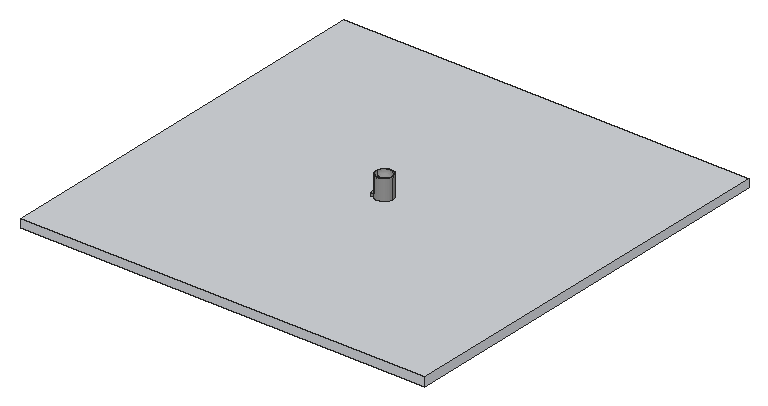
Revit family "LAMP_KOMBIC 100 SURFACE TRACK 2500 CRI80 OPAL", category Luminarias, Revit 2018
Family settings
  Anfitrión = Cara
  Cota de conector redondo = Diámetro de uso
  Tipo de pieza = Normal
  Corte con vacíos al cargar = No
  Origen de luz = Sí
  Compartido = No
  Punto de cálculo de habitación = No
Parameters (values of type "1392LM 3000K  M/B")
  Ángulo de inclinación = -90.00°
  Weight = 0.498 kg
  UGR = ""
  Type = "COB PHILIPS"
  Protection rating = "IP40"
  Product datasheet = "http://www.lamp.es/product-files/TECH/K11TK2040OP830NMB-EN.pdf"
  Product code = "K11TK2040OP830NMB"
  Product URL = "https://www.lamp.es/en/family/kombic-surface_474354"
  Power Supply = "220-240V 50/60Hz"
  Power = 12 W
  Plum = 13.4 W
  Modelo = Product code  # "K11TK2040OP830NMB"
  Model explanation = "Possibility of chossing between surface or suspended within the model"
  Material reflector = LAMP_PC Reflector Kombic Metalizado Mate
  Material floron = LAMP_Plástico genérico NG
  Material difusor = LAMP_PMMA Difusor Kombic
  Material cuerpo = LAMP_Plástico genérico NG
  Material cable suspension = LAMP_Acero genérico
  Manufacturer name = "LAMP"
  Manufacturer country = "Spain"
  Manufacturer URL = "http://www.lamp.es/en"
  MacAdam = "3"
  Luminaire type = "Track"
  Last update = "27/07/2021"
  Lamp = "COB LED"
  LED Lifetime = "50.000 L80 B10"
  Insulation class = "I"
  Installation instructions = "https://www.lamp.es/product-files/packed/by-family/474354_INS_all.zip"
  IEE = "A+"
  Wattage = 13.4 W
  built-in parameter 1150107 = 3000 (stored number, unit not read)
  built-in parameter 1150110 = 1 (stored number, unit not read)
  built-in parameter 1150109 = 1 (stored number, unit not read)
  built-in parameter 1150112 = 1 (stored number, unit not read)
  built-in parameter 1150113 = 1 (stored number, unit not read)
  built-in parameter 1114218 = 1 (stored number, unit not read)
  built-in parameter 1150137 = (empty or 0)
  built-in parameter 1150132 = 2
  built-in parameter 1150105 = 1245.8 (stored number, unit not read)
  built-in parameter 1150102 = (empty or 0)
  built-in parameter 1150106 = 12.458 (stored number, unit not read)
  Height = 120 mm
  Gear = "Electronic"
  Lumens = 1392.26 lm
  Finish = "Matte black RAL 9011"
  Color Filter = 16777215
  built-in parameter 1114217 = 1 (stored number, unit not read)
  built-in parameter 1150139 = (empty or 0)
  Fabricante = Manufacturer name  # "LAMP"
  Default Elevation = 1219.2 mm
  built-in parameter 1150104 = 9.6526 (stored number, unit not read)
  Efficacy = 103.9 lm/W
  Diameter = 100 mm
  built-in parameter 1150115 = 1 (stored number, unit not read)
  built-in parameter 1150114 = 1 (stored number, unit not read)
  built-in parameter 1150138 = (empty or 0)
  built-in parameter 1150134 = (empty or 0)
  Dimming Lamp Color Temperature Shift = (empty or 0)
  CRI = "80"
  Archivo de red fotométrica = "K11rd2040OP830NMw.IES"
  built-in parameter 1150133 = 10 (stored number, unit not read)
Types (12, lengths in mm): name | Product datasheet | Product code | Plum | Modelo | Material reflector | Material cuerpo | Wattage | built-in parameter 1150107 | built-in parameter 1150105 | built-in parameter 1150106 | Lumens | Finish | built-in parameter 1150104 | Efficacy | built-in parameter 1150134 | Archivo de red fotométrica
  1392LM 3000K  M/B | "http://www.lamp.es/product-files/TECH/K11TK2040OP830NMB-EN.pdf" | "K11TK2040OP830NMB" | 13.4 W | "K11TK2040OP830NMB" | LAMP_PC Reflector Kombic Metalizado Mate | LAMP_Plástico genérico NG | 13.4 W | 3000 (stored number, unit not read) | 1245.8 (stored number, unit not read) | 12.458 (stored number, unit not read) | 1392.26 lm | "Matte black RAL 9011" | 9.6526 (stored number, unit not read) | 103.9 lm/W | (empty or 0) | "K11rd2040OP830NMw.IES"
  1392LM 3000K  M/W | "http://www.lamp.es/product-files/TECH/K11TK2040OP830NMW-EN.pdf" | "K11TK2040OP830NMW" | 13.4 W | "K11TK2040OP830NMW" | LAMP_PC Reflector Kombic Metalizado Mate | LAMP_Plástico genérico BL | 13.4 W | 3000 (stored number, unit not read) | 1245.8 (stored number, unit not read) | 12.458 (stored number, unit not read) | 1392.26 lm | "Matte Traffic white RAL 9016" | 9.6526 (stored number, unit not read) | 103.9 lm/W | (empty or 0) | "K11rd2040OP830NMw.IES"
  1454LM 3000K  W/B | "http://www.lamp.es/product-files/TECH/K11TK2040OP830NWB-EN.pdf" | "K11TK2040OP830NWB" | 13.4 W | "K11TK2040OP830NWB" | LAMP_PC Reflector Kombic Blanco | LAMP_Plástico genérico NG | 13.4 W | 3000 (stored number, unit not read) | 1301 (stored number, unit not read) | 13.01 (stored number, unit not read) | 1453.9 lm | "Matte black RAL 9011" | 10.08 (stored number, unit not read) | 108.5 lm/W | (empty or 0) | "K11rd2040OP830NWw.IES"
  1454LM 3000K  W/W | "http://www.lamp.es/product-files/TECH/K11TK2040OP830NWW-EN.pdf" | "K11TK2040OP830NWW" | 13.4 W | "K11TK2040OP830NWW" | LAMP_PC Reflector Kombic Blanco | LAMP_Plástico genérico BL | 13.4 W | 3000 (stored number, unit not read) | 1301 (stored number, unit not read) | 13.01 (stored number, unit not read) | 1453.9 lm | "Matte Traffic white RAL 9016" | 10.08 (stored number, unit not read) | 108.5 lm/W | (empty or 0) | "K11rd2040OP830NWW.IES"
  1460LM 3000K  BR/B | "http://www.lamp.es/product-files/TECH/K11TK2040OP830NRB-EN.pdf" | "K11TK2040OP830NRB" | 13.7 W | "K11TK2040OP830NRB" | LAMP_PC Reflector Kombic Metalizado Brillante | LAMP_Plástico genérico NG | 13.7 W | 3000 (stored number, unit not read) | 1306.8 (stored number, unit not read) | 13.068 (stored number, unit not read) | 1460.42 lm | "Matte black RAL 9011" | 9.9035 (stored number, unit not read) | 106.6 lm/W | (empty or 0) | "K11rd2040OP830NRw.IES"
  1460LM 3000K  BR/W | "http://www.lamp.es/product-files/TECH/K11TK2040OP830NRW-EN.pdf" | "K11TK2040OP830NRW" | 13.7 W | "K11TK2040OP830NRW" | LAMP_PC Reflector Kombic Metalizado Brillante | LAMP_Plástico genérico BL | 13.7 W | 3000 (stored number, unit not read) | 1306.8 (stored number, unit not read) | 13.068 (stored number, unit not read) | 1460.42 lm | "Matte Traffic white RAL 9016" | 9.9035 (stored number, unit not read) | 106.6 lm/W | (empty or 0) | "K11rd2040OP830NRW.IES"
  1474LM 4000K  M/B | "http://www.lamp.es/product-files/TECH/K11TK2040OP840NMB-EN.pdf" | "K11TK2040OP840NMB" | 13.4 W | "K11TK2040OP840NMB" | LAMP_PC Reflector Kombic Metalizado Mate | LAMP_Plástico genérico NG | 13.4 W | 4000 (stored number, unit not read) | 1319 (stored number, unit not read) | 13.19 (stored number, unit not read) | 1474 lm | "Matte black RAL 9011" | 10.219 (stored number, unit not read) | 110 lm/W | 12 | "K11rd2040OP840NMw.IES"
  1474LM 4000K  M/W | "http://www.lamp.es/product-files/TECH/K11TK2040OP840NMW-EN.pdf" | "K11TK2040OP840NMW" | 13.4 W | "K11TK2040OP840NMW" | LAMP_PC Reflector Kombic Metalizado Mate | LAMP_Plástico genérico BL | 13.4 W | 4000 (stored number, unit not read) | 1319 (stored number, unit not read) | 13.19 (stored number, unit not read) | 1474 lm | "Matte Traffic white RAL 9016" | 10.219 (stored number, unit not read) | 110 lm/W | 12 | "K11rd2040OP840NMW.IES"
  1541LM 4000K  W/B | "http://www.lamp.es/product-files/TECH/K11TK2040OP840NWB-EN.pdf" | "K11TK2040OP840NWB" | 13.4 W | "K11TK2040OP840NWB" | LAMP_PC Reflector Kombic Blanco | LAMP_Plástico genérico NG | 13.4 W | 4000 (stored number, unit not read) | 1378.9 (stored number, unit not read) | 13.789 (stored number, unit not read) | 1541 lm | "Matte black RAL 9011" | 10.684 (stored number, unit not read) | 115 lm/W | 12 | "K11rd2040OP840NWw.IES"
  1541LM 4000K  W/W | "http://www.lamp.es/product-files/TECH/K11TK2040OP840NWW-EN.pdf" | "K11TK2040OP840NWW" | 13.4 W | "K11TK2040OP840NWW" | LAMP_PC Reflector Kombic Blanco | LAMP_Plástico genérico BL | 13.4 W | 4000 (stored number, unit not read) | 1378.9 (stored number, unit not read) | 13.789 (stored number, unit not read) | 1541 lm | "Matte Traffic white RAL 9016" | 10.684 (stored number, unit not read) | 115 lm/W | 12 | "K11rd2040OP840NWW.IES"
  1547LM 4000K  BR/B | "http://www.lamp.es/product-files/TECH/K11TK2040OP840NRB-EN.pdf" | "K11TK2040OP840NRB" | 13.4 W | "K11TK2040OP840NRB" | LAMP_PC Reflector Kombic Metalizado Brillante | LAMP_Plástico genérico NG | 13.4 W | 4000 (stored number, unit not read) | 1383.7 (stored number, unit not read) | 13.837 (stored number, unit not read) | 1546.36 lm | "Matte black RAL 9011" | 10.721 (stored number, unit not read) | 115.4 lm/W | 12 | "K11rd2040OP840NRw.IES"
  1547LM 4000K  BR/W | "http://www.lamp.es/product-files/TECH/K11TK2040OP840NRW-EN.pdf" | "K11TK2040OP840NRW" | 13.4 W | "K11TK2040OP840NRW" | LAMP_PC Reflector Kombic Metalizado Brillante | LAMP_Plástico genérico BL | 13.4 W | 4000 (stored number, unit not read) | 1383.7 (stored number, unit not read) | 13.837 (stored number, unit not read) | 1546.36 lm | "Matte Traffic white RAL 9016" | 10.721 (stored number, unit not read) | 115.4 lm/W | 12 | "K11rd2040OP840NRW.IES"
Reference planes
  plane 1 "Centro (Frontal/Posterior)": y = 0
  plane 2: z = 0
  plane 3 "Centro (Izquierda/Derecha)": x = 0
Forms (mm)
  Extrusion 1, solid
    sketch origin (0, 0, 0) x (1, 0, 0) y (0, 1, 0)
      loop
        line (-1219.2, 1219.2) -> (-1219.2, -1219.2) -> (1219.2, -1219.2) -> (1219.2, 1219.2) -> (-1219.2, 1219.2)
    from 0 to -50
  Extrusion 2, solid, material "LAMP_Plástico genérico NG" <- "Material cuerpo"
    sketch origin (0, 0, 0) x (1, 0, 0) y (0, 1, 0)
      loop
        circle (0, 0) r 50
    from 14 to 134
  Extrusion 3, void
    sketch origin (0, 0, 0) x (1, 0, 0) y (0, 1, 0)
      loop
        circle (0, 0) r 48
    from 25.333 to 134
  Sweep 4, solid, material "LAMP_PC Reflector Kombic Metalizado Mate" <- "Material reflector"
    path origin (105.103, -251.845, 134) x (1, 0, 0) y (0, 1, 0)
      loop
        circle (-105.103, 251.959) r 48
    profile origin (0, 48.114, 134) x (0, -1, 0) y (0, 0, 1)
      loop
        arc (0, 0) -> (6.616, -20.646) -> (24, -33.6) r 35.52
        line (24, -33.6) -> (24, -32.6)
        arc (24, -32.6) -> (7.196, -20.217) -> (2, 0) r 31.112
        line (2, 0) -> (0, 0)
  Extrusion 5, solid, material "LAMP_PMMA Difusor Kombic" <- "Material difusor"
    sketch origin (0, 0, 0) x (1, 0, 0) y (0, 1, 0)
      loop
        circle (0, 0) r 24
    from 100.4 to 101.4
  Extrusion 6, solid, material "LAMP_Plástico genérico NG" <- "Material cuerpo"
    sketch origin (0, 0, 0) x (1, 0, 0) y (0, 1, 0)
      loop
        arc (-66.129, 16) -> (-70, 0) -> (-66.129, -16) r 35
        line (-66.129, -16) -> (-3.871, -16)
        arc (-3.871, -16) -> (0, 0) -> (-3.871, 16) r 35
        line (-3.871, 16) -> (-66.129, 16)
    from -26 to 14
  Extrusion 7, void
    sketch origin (0, 0, 0) x (0, 1, 0) y (0, 0, 1)
      loop
        line (17, 0) -> (7, 0) -> (7, -25) -> (-7, -25) -> (-7, 0) -> (-17, 0) -> (-17, -26) -> (17, -26) -> (17, 0)
    from -82.029 to 0
Cuts and joins
  Extrusion 3 cuts Extrusion 2
  Extrusion 7 cuts Extrusion 6
Text (mm)
  text "Any modification of the parameters and properties of the LAMP BIM models must be executed and validated by the LAMP technical department.\nPhone: +34 93 736 68 00\nE-mail: lamp@lamp.es\n\nLAMP reserves the right to modify the technical specifications of its products." at (1856.491, -4316.333, -2622.127), in view "Preview"
Dimensions and locks
  locked: Extrusion 2 to Extrusion 2 at 120
  locked: cut or joined group of Extrusion 2, Extrusion 3 to cut or joined group of Extrusion 2, Extrusion 3 at 108.667
  aligned and locked: plane 2 to Extrusion 1
  aligned and locked: level to Extrusion 1
  aligned and locked: Extrusion 2 to Extrusion 3
  aligned and locked: Sweep 4 to Extrusion 5
  aligned and locked: Extrusion 5 to Sweep 4
  aligned and locked: imposter light to cut or joined group of Extrusion 2, Extrusion 3
Connectors
  electrical at (0, 0, 14)
    settings: on cut or joined group of Extrusion 2, Extrusion 3, index 1, voltage 230 V, apparent load 0 VA, apparent load phase1 0 VA, apparent load phase2 0 VA, apparent load phase3 0 VA, power factor 1, load classification "Otro", number of poles 1, system type 31, power factor state 1, is connector primary yes, connector utility no, sub classification motor no, connector description ""
